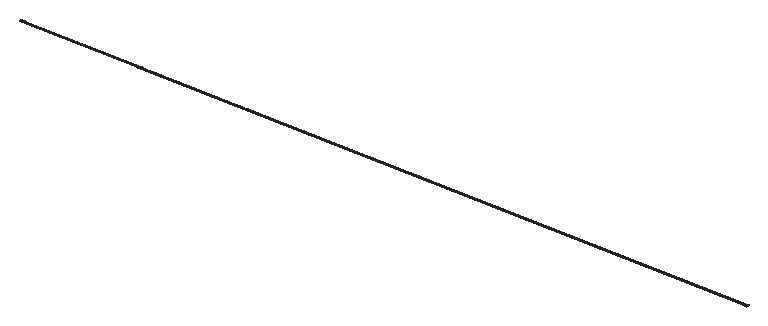
Revit family "Flex Pro IP65_0068171-74", category Lighting Fixtures, host Face, Revit 2017
Family settings
  Host = Face
  Round Connector Dimension = Use Diameter
  Part Type = Normal
  OmniClass Number = 23.80.70.00
  OmniClass Title = Lighting
  Cut with Voids When Loaded = No
  Light Source = Yes
  Shared = No
  Room Calculation Point = No
Parameters (values of type "0068171 FLEX PRO IP65 2100LM 927")
  Weight = "4.0 kg"
  Wattage Comments = ""
  Wattage = 24 W
  WarrantyStartDate [instance] = "n/a"
  WarrantyGuarantorParts = "n/a"
  WarrantyDurationUnit = "n/a"
  WarrantyDurationParts = "n/a"
  WarrantyDescription = "n/a"
  built-in parameter 1150110 = 1 (stored number, unit not read)
  Voltage = 0 V
  URL = "http://www.sylvania-lighting.com"
  TypeName = "Flex Pro IP65 2100lm 927"
  Type Image = <None>
  Type Comments = "n/a"
  built-in parameter 1114217 = 1 (stored number, unit not read)
  Tilt Angle = -90.00°
  built-in parameter 1150109 = 1 (stored number, unit not read)
  built-in parameter 1150134 = (empty or 0)
  built-in parameter 1150113 = 1 (stored number, unit not read)
  SerialNumber [instance] = "n/a"
  Photometric Web File = "0068171.ies"
  PHOTOMETRY3_SYL = 0 mm
  PHOTOMETRY2_SYL = LUM_WIDTH_SYL  # 4 mm
  PHOTOMETRY1_SYL = LUM_LENGHT_SYL / 2  # 2505 mm
  Material_3_SYL = Default New Material(1)
  PowerFactor = 0
  PowerConsumption = "24 W"
  NominalLength = 5000 mm
  NominalHeight = 4 mm
  NominalDepth = 10 mm
  Name = "Flex Pro IP65 2100lm 927"
  ModelReference = Name  # "Flex Pro IP65 2100lm 927"
  ModelNumber = "0068171"
  Model = Name  # "Flex Pro IP65 2100lm 927"
  Material = "other housing"
  ManufacturerName = "Feilo Sylvania"
  Manufacturer = "Feilo Sylvania"
  LuminousEfficacy = "88 lm/W"
  built-in parameter 1150105 = 168.07 (stored number, unit not read)
  Lumens = 2112 lm
  LuminaireType = ""
  built-in parameter 1150115 = 1 (stored number, unit not read)
  LightOutputRatio = "n/a"
  built-in parameter 1150137 = (empty or 0)
  built-in parameter 1150139 = (empty or 0)
  LampsType = Lamp  # "LED"
  LampNominalLuminous = "2100 lm"
  LampMacAdamStep = "n/a"
  LampColourTemperature = "2700 K"
  LampColourRenderingIndex = "90"
  built-in parameter 1150112 = 1 (stored number, unit not read)
  built-in parameter 1150114 = 1 (stored number, unit not read)
  Lamp = "LED"
  LUM__CAP_SYL = 5 mm
  LUM_WIDTH_SYL = 4 mm
  LUM_PROT_SYL = 5 mm
  LUM_LENGHT_SYL!!!! = "(LUM_LENGHT_SYL-10), MUST BE DIVISIBLE WITH 100"
  LUM_LENGHT_SYL = 5010 mm  # constant formula
  LUM_CAD_W_SYL = 6 mm
  LED_DIST_SYL = 16.6 mm
  LED_DIST1_SYL = 10.6 mm
  LED_CH_S_WIDTH_SYL = 1.5 mm
  LED_CH_S_DEPTH_SYL = 1 mm
  LED_CH_L_WIDTH_SYL = 1.7 mm
  LED_CH_L_DEPTH_SYL = 1.4 mm
  LED_2_DIST_SYL = 33.2 mm
  Keynote = "16500"
  InstallationDate [instance] = "n/a"
  InputVoltage = "n/a"
  InputNominalFrequency = "n/a"
  built-in parameter 1150132 = (empty or 0)
  built-in parameter 1150102 = (empty or 0)
  built-in parameter 1150107 = 2700 (stored number, unit not read)
  built-in parameter 1150138 = (empty or 0)
  IngressProtection = "IP65"
  ImpactProtectionIndex = "IK00"
  built-in parameter 1150106 = 1.6807 (stored number, unit not read)
  IfcExportType = "IfcLightFixtureType"
  IfcExportAs = "IfcLightFixtureType"
  Emit from Circle Diameter = 609.6 mm
  Emit Shape Visible in Rendering = no
  ElectricShockClassification = "Class III"
  built-in parameter 1150104 = 8.1755 (stored number, unit not read)
  DocumentationLiterature = "http://www.sylvania-lighting.com/product/en-int/products/0068171"
  DimmingControlOptions = "n/a"
  Material_2_SYL = Default
  Dimming Lamp Color Temperature Shift = <None>
  Description = ""
  Default Elevation = 1219.2 mm
  CreatedOn = "10/16/2020"
  CreatedBy = "@sylvania-lighting.com"
  Cost = 0
  Color Filter = 16777215
  built-in parameter 1114216 [instance] = (empty or 0)
  ClassificationValue = "EF_70_80"
  ClassificationName = "Uniclass2015"
  Material_1_SYL = Default New Material
  CABLE_LENGHT_SYL = 995 mm
  CABLE_FIX_SYL = 1 mm
  CABLE_END_SYL = 15 mm
  CABLE_DIST_SYL = 1.5 mm
  CABLE_DIST2_SYL = 1.5 mm
  CABLE_BLEND_SYL = 10 mm
  BarCode [instance] = "n/a"
  built-in parameter 1114218 = 1 (stored number, unit not read)
  built-in parameter 1150133 = 10 (stored number, unit not read)
  AssetType = "Fixed"
  AssetIdentifier [instance] = "n/a"
  Assembly Code = "D5020200"
  Apparent Load = 24 VA
  Material_4_SYL = none
Reference planes
  plane 1 "Center (Front/Back)": y = 0
  plane 2: z = 0
  plane 3 "Center (Left/Right)": x = 0
  plane 4: x = 5010
  plane 5: y = 4
  plane 6: y = -4
  plane 7: x = -995
  plane 8: x = -10
  plane 9: x = -980
  plane 10: y = 1.5
  plane 11: y = -1.5
  plane 12: y = 2.5
  plane 13: y = -2.5
  plane 14: x = 10.6
  plane 15: x = 27.2
  plane 16: x = 43.8
  plane 17: x = 60.4
  plane 18: x = 77
  plane 19: x = 93.6
  plane 20: y = 1.7
  plane 21: y = -1.7
  plane 22: x = 12
  plane 23: x = 9.2
  plane 24: x = 28.6
  plane 25: x = 25.8
  plane 26: x = 45.2
  plane 27: x = 42.4
  plane 28: x = 59
  plane 29: x = 61.8
  plane 30: x = 75.6
  plane 31: x = 78.4
  plane 32: x = 95
  plane 33: x = 92.2
  plane 34: x = 18.9
  plane 35: x = 35.5
  plane 36: x = 68.7
  plane 37: x = 85.3
  plane 38: x = 19.9
  plane 39: x = 17.9
  plane 40: x = 34.5
  plane 41: x = 36.5
  plane 42: x = 69.7
  plane 43: x = 67.7
  plane 44: x = 84.3
  plane 45: x = 86.3
  plane 46: y = 1.5
  plane 47: y = -1.5
  plane 48: x = -5
  plane 49: x = 5015
  plane 50: x = 5
  plane 51: x = 5005
  plane 52: y = 6
  plane 53: y = -6
  plane 54: y = 5
  plane 55: y = -5
Forms (mm)
  Extrusion 1, solid, material "Default New Material" <- "Material_1_SYL"
    sketch origin (0, 0, 0) x (1, 0, 0) y (0, 1, 0)
      loop
        line (0, 4) -> (0, -4) -> (5010, -4) -> (5010, 4) -> (0, 4)
    from -0.9 to -1.2
  Sweep 2, solid, material "Default" <- "Material_2_SYL"
    path origin (0, 0, 0) x (1, 0, 0) y (0, 1, 0)
      loop
        line (-5, 1.5) -> (-980, 1.5)
    profile origin (-492.5, 1.5, 0) x (0, -1, 0) y (0, 0, 1)
      loop
        circle (0, 0) r 1.399
  Sweep 3, solid, material "Default" <- "Material_2_SYL"
    path origin (0, 0, 0) x (1, 0, 0) y (0, 1, 0)
      loop
        line (-5, -1.5) -> (-980, -1.5)
    profile origin (-492.5, -1.5, 0) x (0, -1, 0) y (0, 0, 1)
      loop
        circle (0, 0) r 1.353
  Revolve 4, solid
    sketch origin (0, 0, 0) x (1, 0, 0) y (0, 1, 0)
      loop
        line (-980, 1.5) -> (-980, 2.5) -> (-995, 2.5) -> (-995, 1.5) -> (-980, 1.5)
      axis (-980, 1.5) -> (-995, 1.5)
    angle from 360 to 0
  Revolve 5, solid
    sketch origin (0, 0, 0) x (1, 0, 0) y (0, 1, 0)
      loop
        line (-980, -1.5) -> (-995, -1.5) -> (-995, -2.5) -> (-980, -2.5) -> (-980, -1.5)
      axis (-980, -1.5) -> (-995, -1.5)
    angle from 360 to 0
  Extrusion 6, solid
    sketch origin (0, 0, 0) x (1, 0, 0) y (0, 1, 0)
      loop
        line (9.2, 1.7) -> (9.2, -1.7) -> (12, -1.7) -> (12, 1.7) -> (9.2, 1.7)
      loop
        line (25.8, 1.7) -> (25.8, -1.7) -> (28.6, -1.7) -> (28.6, 1.7) -> (25.8, 1.7)
      loop
        line (42.4, 1.7) -> (42.4, -1.7) -> (45.2, -1.7) -> (45.2, 1.7) -> (42.4, 1.7)
      loop
        line (59, 1.7) -> (59, -1.7) -> (61.8, -1.7) -> (61.8, 1.7) -> (59, 1.7)
      loop
        line (75.6, -1.7) -> (78.4, -1.7) -> (78.4, 1.7) -> (75.6, 1.7) -> (75.6, -1.7)
      loop
        line (92.2, 1.7) -> (92.2, -1.7) -> (95, -1.7) -> (95, 1.7) -> (92.2, 1.7)
    from 0 to -1.2
  Extrusion 7, solid
    sketch origin (4898, 0, 0) x (1, 0, 0) y (0, 1, 0)
      loop
        line (9.2, 1.7) -> (9.2, -1.7) -> (12, -1.7) -> (12, 1.7) -> (9.2, 1.7)
      loop
        line (25.8, 1.7) -> (25.8, -1.7) -> (28.6, -1.7) -> (28.6, 1.7) -> (25.8, 1.7)
      loop
        line (42.4, 1.7) -> (42.4, -1.7) -> (45.2, -1.7) -> (45.2, 1.7) -> (42.4, 1.7)
      loop
        line (59, 1.7) -> (59, -1.7) -> (61.8, -1.7) -> (61.8, 1.7) -> (59, 1.7)
      loop
        line (75.6, -1.7) -> (78.4, -1.7) -> (78.4, 1.7) -> (75.6, 1.7) -> (75.6, -1.7)
      loop
        line (92.2, 1.7) -> (92.2, -1.7) -> (95, -1.7) -> (95, 1.7) -> (92.2, 1.7)
    from 0 to -1.2
  Extrusion 8, solid
    sketch origin (99.959, 0, 0) x (1, 0, 0) y (0, 1, 0)
      loop
        line (9.2, 1.7) -> (9.2, -1.7) -> (12, -1.7) -> (12, 1.7) -> (9.2, 1.7)
      loop
        line (25.8, 1.7) -> (25.8, -1.7) -> (28.6, -1.7) -> (28.6, 1.7) -> (25.8, 1.7)
      loop
        line (42.4, 1.7) -> (42.4, -1.7) -> (45.2, -1.7) -> (45.2, 1.7) -> (42.4, 1.7)
      loop
        line (59, 1.7) -> (59, -1.7) -> (61.8, -1.7) -> (61.8, 1.7) -> (59, 1.7)
      loop
        line (75.6, -1.7) -> (78.4, -1.7) -> (78.4, 1.7) -> (75.6, 1.7) -> (75.6, -1.7)
      loop
        line (92.2, 1.7) -> (92.2, -1.7) -> (95, -1.7) -> (95, 1.7) -> (92.2, 1.7)
    from 0 to -1.2
  Extrusion 9, solid
    sketch origin (199.918, 0, 0) x (1, 0, 0) y (0, 1, 0)
      loop
        line (9.2, 1.7) -> (9.2, -1.7) -> (12, -1.7) -> (12, 1.7) -> (9.2, 1.7)
      loop
        line (25.8, 1.7) -> (25.8, -1.7) -> (28.6, -1.7) -> (28.6, 1.7) -> (25.8, 1.7)
      loop
        line (42.4, 1.7) -> (42.4, -1.7) -> (45.2, -1.7) -> (45.2, 1.7) -> (42.4, 1.7)
      loop
        line (59, 1.7) -> (59, -1.7) -> (61.8, -1.7) -> (61.8, 1.7) -> (59, 1.7)
      loop
        line (75.6, -1.7) -> (78.4, -1.7) -> (78.4, 1.7) -> (75.6, 1.7) -> (75.6, -1.7)
      loop
        line (92.2, 1.7) -> (92.2, -1.7) -> (95, -1.7) -> (95, 1.7) -> (92.2, 1.7)
    from 0 to -1.2
  Extrusion 10, solid
    sketch origin (299.878, 0, 0) x (1, 0, 0) y (0, 1, 0)
      loop
        line (9.2, 1.7) -> (9.2, -1.7) -> (12, -1.7) -> (12, 1.7) -> (9.2, 1.7)
      loop
        line (25.8, 1.7) -> (25.8, -1.7) -> (28.6, -1.7) -> (28.6, 1.7) -> (25.8, 1.7)
      loop
        line (42.4, 1.7) -> (42.4, -1.7) -> (45.2, -1.7) -> (45.2, 1.7) -> (42.4, 1.7)
      loop
        line (59, 1.7) -> (59, -1.7) -> (61.8, -1.7) -> (61.8, 1.7) -> (59, 1.7)
      loop
        line (75.6, -1.7) -> (78.4, -1.7) -> (78.4, 1.7) -> (75.6, 1.7) -> (75.6, -1.7)
      loop
        line (92.2, 1.7) -> (92.2, -1.7) -> (95, -1.7) -> (95, 1.7) -> (92.2, 1.7)
    from 0 to -1.2
  Extrusion 11, solid
    sketch origin (399.837, 0, 0) x (1, 0, 0) y (0, 1, 0)
      loop
        line (9.2, 1.7) -> (9.2, -1.7) -> (12, -1.7) -> (12, 1.7) -> (9.2, 1.7)
      loop
        line (25.8, 1.7) -> (25.8, -1.7) -> (28.6, -1.7) -> (28.6, 1.7) -> (25.8, 1.7)
      loop
        line (42.4, 1.7) -> (42.4, -1.7) -> (45.2, -1.7) -> (45.2, 1.7) -> (42.4, 1.7)
      loop
        line (59, 1.7) -> (59, -1.7) -> (61.8, -1.7) -> (61.8, 1.7) -> (59, 1.7)
      loop
        line (75.6, -1.7) -> (78.4, -1.7) -> (78.4, 1.7) -> (75.6, 1.7) -> (75.6, -1.7)
      loop
        line (92.2, 1.7) -> (92.2, -1.7) -> (95, -1.7) -> (95, 1.7) -> (92.2, 1.7)
    from 0 to -1.2
  Extrusion 12, solid
    sketch origin (499.796, 0, 0) x (1, 0, 0) y (0, 1, 0)
      loop
        line (9.2, 1.7) -> (9.2, -1.7) -> (12, -1.7) -> (12, 1.7) -> (9.2, 1.7)
      loop
        line (25.8, 1.7) -> (25.8, -1.7) -> (28.6, -1.7) -> (28.6, 1.7) -> (25.8, 1.7)
      loop
        line (42.4, 1.7) -> (42.4, -1.7) -> (45.2, -1.7) -> (45.2, 1.7) -> (42.4, 1.7)
      loop
        line (59, 1.7) -> (59, -1.7) -> (61.8, -1.7) -> (61.8, 1.7) -> (59, 1.7)
      loop
        line (75.6, -1.7) -> (78.4, -1.7) -> (78.4, 1.7) -> (75.6, 1.7) -> (75.6, -1.7)
      loop
        line (92.2, 1.7) -> (92.2, -1.7) -> (95, -1.7) -> (95, 1.7) -> (92.2, 1.7)
    from 0 to -1.2
  Extrusion 13, solid
    sketch origin (599.755, 0, 0) x (1, 0, 0) y (0, 1, 0)
      loop
        line (9.2, 1.7) -> (9.2, -1.7) -> (12, -1.7) -> (12, 1.7) -> (9.2, 1.7)
      loop
        line (25.8, 1.7) -> (25.8, -1.7) -> (28.6, -1.7) -> (28.6, 1.7) -> (25.8, 1.7)
      loop
        line (42.4, 1.7) -> (42.4, -1.7) -> (45.2, -1.7) -> (45.2, 1.7) -> (42.4, 1.7)
      loop
        line (59, 1.7) -> (59, -1.7) -> (61.8, -1.7) -> (61.8, 1.7) -> (59, 1.7)
      loop
        line (75.6, -1.7) -> (78.4, -1.7) -> (78.4, 1.7) -> (75.6, 1.7) -> (75.6, -1.7)
      loop
        line (92.2, 1.7) -> (92.2, -1.7) -> (95, -1.7) -> (95, 1.7) -> (92.2, 1.7)
    from 0 to -1.2
  Extrusion 14, solid
    sketch origin (699.714, 0, 0) x (1, 0, 0) y (0, 1, 0)
      loop
        line (9.2, 1.7) -> (9.2, -1.7) -> (12, -1.7) -> (12, 1.7) -> (9.2, 1.7)
      loop
        line (25.8, 1.7) -> (25.8, -1.7) -> (28.6, -1.7) -> (28.6, 1.7) -> (25.8, 1.7)
      loop
        line (42.4, 1.7) -> (42.4, -1.7) -> (45.2, -1.7) -> (45.2, 1.7) -> (42.4, 1.7)
      loop
        line (59, 1.7) -> (59, -1.7) -> (61.8, -1.7) -> (61.8, 1.7) -> (59, 1.7)
      loop
        line (75.6, -1.7) -> (78.4, -1.7) -> (78.4, 1.7) -> (75.6, 1.7) -> (75.6, -1.7)
      loop
        line (92.2, 1.7) -> (92.2, -1.7) -> (95, -1.7) -> (95, 1.7) -> (92.2, 1.7)
    from 0 to -1.2
  Extrusion 15, solid
    sketch origin (799.673, 0, 0) x (1, 0, 0) y (0, 1, 0)
      loop
        line (9.2, 1.7) -> (9.2, -1.7) -> (12, -1.7) -> (12, 1.7) -> (9.2, 1.7)
      loop
        line (25.8, 1.7) -> (25.8, -1.7) -> (28.6, -1.7) -> (28.6, 1.7) -> (25.8, 1.7)
      loop
        line (42.4, 1.7) -> (42.4, -1.7) -> (45.2, -1.7) -> (45.2, 1.7) -> (42.4, 1.7)
      loop
        line (59, 1.7) -> (59, -1.7) -> (61.8, -1.7) -> (61.8, 1.7) -> (59, 1.7)
      loop
        line (75.6, -1.7) -> (78.4, -1.7) -> (78.4, 1.7) -> (75.6, 1.7) -> (75.6, -1.7)
      loop
        line (92.2, 1.7) -> (92.2, -1.7) -> (95, -1.7) -> (95, 1.7) -> (92.2, 1.7)
    from 0 to -1.2
  Extrusion 16, solid
    sketch origin (899.633, 0, 0) x (1, 0, 0) y (0, 1, 0)
      loop
        line (9.2, 1.7) -> (9.2, -1.7) -> (12, -1.7) -> (12, 1.7) -> (9.2, 1.7)
      loop
        line (25.8, 1.7) -> (25.8, -1.7) -> (28.6, -1.7) -> (28.6, 1.7) -> (25.8, 1.7)
      loop
        line (42.4, 1.7) -> (42.4, -1.7) -> (45.2, -1.7) -> (45.2, 1.7) -> (42.4, 1.7)
      loop
        line (59, 1.7) -> (59, -1.7) -> (61.8, -1.7) -> (61.8, 1.7) -> (59, 1.7)
      loop
        line (75.6, -1.7) -> (78.4, -1.7) -> (78.4, 1.7) -> (75.6, 1.7) -> (75.6, -1.7)
      loop
        line (92.2, 1.7) -> (92.2, -1.7) -> (95, -1.7) -> (95, 1.7) -> (92.2, 1.7)
    from 0 to -1.2
  Extrusion 17, solid
    sketch origin (999.592, 0, 0) x (1, 0, 0) y (0, 1, 0)
      loop
        line (9.2, 1.7) -> (9.2, -1.7) -> (12, -1.7) -> (12, 1.7) -> (9.2, 1.7)
      loop
        line (25.8, 1.7) -> (25.8, -1.7) -> (28.6, -1.7) -> (28.6, 1.7) -> (25.8, 1.7)
      loop
        line (42.4, 1.7) -> (42.4, -1.7) -> (45.2, -1.7) -> (45.2, 1.7) -> (42.4, 1.7)
      loop
        line (59, 1.7) -> (59, -1.7) -> (61.8, -1.7) -> (61.8, 1.7) -> (59, 1.7)
      loop
        line (75.6, -1.7) -> (78.4, -1.7) -> (78.4, 1.7) -> (75.6, 1.7) -> (75.6, -1.7)
      loop
        line (92.2, 1.7) -> (92.2, -1.7) -> (95, -1.7) -> (95, 1.7) -> (92.2, 1.7)
    from 0 to -1.2
  Extrusion 18, solid
    sketch origin (1099.551, 0, 0) x (1, 0, 0) y (0, 1, 0)
      loop
        line (9.2, 1.7) -> (9.2, -1.7) -> (12, -1.7) -> (12, 1.7) -> (9.2, 1.7)
      loop
        line (25.8, 1.7) -> (25.8, -1.7) -> (28.6, -1.7) -> (28.6, 1.7) -> (25.8, 1.7)
      loop
        line (42.4, 1.7) -> (42.4, -1.7) -> (45.2, -1.7) -> (45.2, 1.7) -> (42.4, 1.7)
      loop
        line (59, 1.7) -> (59, -1.7) -> (61.8, -1.7) -> (61.8, 1.7) -> (59, 1.7)
      loop
        line (75.6, -1.7) -> (78.4, -1.7) -> (78.4, 1.7) -> (75.6, 1.7) -> (75.6, -1.7)
      loop
        line (92.2, 1.7) -> (92.2, -1.7) -> (95, -1.7) -> (95, 1.7) -> (92.2, 1.7)
    from 0 to -1.2
  Extrusion 19, solid
    sketch origin (1199.51, 0, 0) x (1, 0, 0) y (0, 1, 0)
      loop
        line (9.2, 1.7) -> (9.2, -1.7) -> (12, -1.7) -> (12, 1.7) -> (9.2, 1.7)
      loop
        line (25.8, 1.7) -> (25.8, -1.7) -> (28.6, -1.7) -> (28.6, 1.7) -> (25.8, 1.7)
      loop
        line (42.4, 1.7) -> (42.4, -1.7) -> (45.2, -1.7) -> (45.2, 1.7) -> (42.4, 1.7)
      loop
        line (59, 1.7) -> (59, -1.7) -> (61.8, -1.7) -> (61.8, 1.7) -> (59, 1.7)
      loop
        line (75.6, -1.7) -> (78.4, -1.7) -> (78.4, 1.7) -> (75.6, 1.7) -> (75.6, -1.7)
      loop
        line (92.2, 1.7) -> (92.2, -1.7) -> (95, -1.7) -> (95, 1.7) -> (92.2, 1.7)
    from 0 to -1.2
  Extrusion 20, solid
    sketch origin (1299.469, 0, 0) x (1, 0, 0) y (0, 1, 0)
      loop
        line (9.2, 1.7) -> (9.2, -1.7) -> (12, -1.7) -> (12, 1.7) -> (9.2, 1.7)
      loop
        line (25.8, 1.7) -> (25.8, -1.7) -> (28.6, -1.7) -> (28.6, 1.7) -> (25.8, 1.7)
      loop
        line (42.4, 1.7) -> (42.4, -1.7) -> (45.2, -1.7) -> (45.2, 1.7) -> (42.4, 1.7)
      loop
        line (59, 1.7) -> (59, -1.7) -> (61.8, -1.7) -> (61.8, 1.7) -> (59, 1.7)
      loop
        line (75.6, -1.7) -> (78.4, -1.7) -> (78.4, 1.7) -> (75.6, 1.7) -> (75.6, -1.7)
      loop
        line (92.2, 1.7) -> (92.2, -1.7) -> (95, -1.7) -> (95, 1.7) -> (92.2, 1.7)
    from 0 to -1.2
  Extrusion 21, solid
    sketch origin (1399.429, 0, 0) x (1, 0, 0) y (0, 1, 0)
      loop
        line (9.2, 1.7) -> (9.2, -1.7) -> (12, -1.7) -> (12, 1.7) -> (9.2, 1.7)
      loop
        line (25.8, 1.7) -> (25.8, -1.7) -> (28.6, -1.7) -> (28.6, 1.7) -> (25.8, 1.7)
      loop
        line (42.4, 1.7) -> (42.4, -1.7) -> (45.2, -1.7) -> (45.2, 1.7) -> (42.4, 1.7)
      loop
        line (59, 1.7) -> (59, -1.7) -> (61.8, -1.7) -> (61.8, 1.7) -> (59, 1.7)
      loop
        line (75.6, -1.7) -> (78.4, -1.7) -> (78.4, 1.7) -> (75.6, 1.7) -> (75.6, -1.7)
      loop
        line (92.2, 1.7) -> (92.2, -1.7) -> (95, -1.7) -> (95, 1.7) -> (92.2, 1.7)
    from 0 to -1.2
  Extrusion 22, solid
    sketch origin (1499.388, 0, 0) x (1, 0, 0) y (0, 1, 0)
      loop
        line (9.2, 1.7) -> (9.2, -1.7) -> (12, -1.7) -> (12, 1.7) -> (9.2, 1.7)
      loop
        line (25.8, 1.7) -> (25.8, -1.7) -> (28.6, -1.7) -> (28.6, 1.7) -> (25.8, 1.7)
      loop
        line (42.4, 1.7) -> (42.4, -1.7) -> (45.2, -1.7) -> (45.2, 1.7) -> (42.4, 1.7)
      loop
        line (59, 1.7) -> (59, -1.7) -> (61.8, -1.7) -> (61.8, 1.7) -> (59, 1.7)
      loop
        line (75.6, -1.7) -> (78.4, -1.7) -> (78.4, 1.7) -> (75.6, 1.7) -> (75.6, -1.7)
      loop
        line (92.2, 1.7) -> (92.2, -1.7) -> (95, -1.7) -> (95, 1.7) -> (92.2, 1.7)
    from 0 to -1.2
  Extrusion 23, solid
    sketch origin (1599.347, 0, 0) x (1, 0, 0) y (0, 1, 0)
      loop
        line (9.2, 1.7) -> (9.2, -1.7) -> (12, -1.7) -> (12, 1.7) -> (9.2, 1.7)
      loop
        line (25.8, 1.7) -> (25.8, -1.7) -> (28.6, -1.7) -> (28.6, 1.7) -> (25.8, 1.7)
      loop
        line (42.4, 1.7) -> (42.4, -1.7) -> (45.2, -1.7) -> (45.2, 1.7) -> (42.4, 1.7)
      loop
        line (59, 1.7) -> (59, -1.7) -> (61.8, -1.7) -> (61.8, 1.7) -> (59, 1.7)
      loop
        line (75.6, -1.7) -> (78.4, -1.7) -> (78.4, 1.7) -> (75.6, 1.7) -> (75.6, -1.7)
      loop
        line (92.2, 1.7) -> (92.2, -1.7) -> (95, -1.7) -> (95, 1.7) -> (92.2, 1.7)
    from 0 to -1.2
  Extrusion 24, solid
    sketch origin (1699.306, 0, 0) x (1, 0, 0) y (0, 1, 0)
      loop
        line (9.2, 1.7) -> (9.2, -1.7) -> (12, -1.7) -> (12, 1.7) -> (9.2, 1.7)
      loop
        line (25.8, 1.7) -> (25.8, -1.7) -> (28.6, -1.7) -> (28.6, 1.7) -> (25.8, 1.7)
      loop
        line (42.4, 1.7) -> (42.4, -1.7) -> (45.2, -1.7) -> (45.2, 1.7) -> (42.4, 1.7)
      loop
        line (59, 1.7) -> (59, -1.7) -> (61.8, -1.7) -> (61.8, 1.7) -> (59, 1.7)
      loop
        line (75.6, -1.7) -> (78.4, -1.7) -> (78.4, 1.7) -> (75.6, 1.7) -> (75.6, -1.7)
      loop
        line (92.2, 1.7) -> (92.2, -1.7) -> (95, -1.7) -> (95, 1.7) -> (92.2, 1.7)
    from 0 to -1.2
  Extrusion 25, solid
    sketch origin (1799.265, 0, 0) x (1, 0, 0) y (0, 1, 0)
      loop
        line (9.2, 1.7) -> (9.2, -1.7) -> (12, -1.7) -> (12, 1.7) -> (9.2, 1.7)
      loop
        line (25.8, 1.7) -> (25.8, -1.7) -> (28.6, -1.7) -> (28.6, 1.7) -> (25.8, 1.7)
      loop
        line (42.4, 1.7) -> (42.4, -1.7) -> (45.2, -1.7) -> (45.2, 1.7) -> (42.4, 1.7)
      loop
        line (59, 1.7) -> (59, -1.7) -> (61.8, -1.7) -> (61.8, 1.7) -> (59, 1.7)
      loop
        line (75.6, -1.7) -> (78.4, -1.7) -> (78.4, 1.7) -> (75.6, 1.7) -> (75.6, -1.7)
      loop
        line (92.2, 1.7) -> (92.2, -1.7) -> (95, -1.7) -> (95, 1.7) -> (92.2, 1.7)
    from 0 to -1.2
  Extrusion 26, solid
    sketch origin (1899.224, 0, 0) x (1, 0, 0) y (0, 1, 0)
      loop
        line (9.2, 1.7) -> (9.2, -1.7) -> (12, -1.7) -> (12, 1.7) -> (9.2, 1.7)
      loop
        line (25.8, 1.7) -> (25.8, -1.7) -> (28.6, -1.7) -> (28.6, 1.7) -> (25.8, 1.7)
      loop
        line (42.4, 1.7) -> (42.4, -1.7) -> (45.2, -1.7) -> (45.2, 1.7) -> (42.4, 1.7)
      loop
        line (59, 1.7) -> (59, -1.7) -> (61.8, -1.7) -> (61.8, 1.7) -> (59, 1.7)
      loop
        line (75.6, -1.7) -> (78.4, -1.7) -> (78.4, 1.7) -> (75.6, 1.7) -> (75.6, -1.7)
      loop
        line (92.2, 1.7) -> (92.2, -1.7) -> (95, -1.7) -> (95, 1.7) -> (92.2, 1.7)
    from 0 to -1.2
  Extrusion 27, solid
    sketch origin (1999.184, 0, 0) x (1, 0, 0) y (0, 1, 0)
      loop
        line (9.2, 1.7) -> (9.2, -1.7) -> (12, -1.7) -> (12, 1.7) -> (9.2, 1.7)
      loop
        line (25.8, 1.7) -> (25.8, -1.7) -> (28.6, -1.7) -> (28.6, 1.7) -> (25.8, 1.7)
      loop
        line (42.4, 1.7) -> (42.4, -1.7) -> (45.2, -1.7) -> (45.2, 1.7) -> (42.4, 1.7)
      loop
        line (59, 1.7) -> (59, -1.7) -> (61.8, -1.7) -> (61.8, 1.7) -> (59, 1.7)
      loop
        line (75.6, -1.7) -> (78.4, -1.7) -> (78.4, 1.7) -> (75.6, 1.7) -> (75.6, -1.7)
      loop
        line (92.2, 1.7) -> (92.2, -1.7) -> (95, -1.7) -> (95, 1.7) -> (92.2, 1.7)
    from 0 to -1.2
  Extrusion 28, solid
    sketch origin (2099.143, 0, 0) x (1, 0, 0) y (0, 1, 0)
      loop
        line (9.2, 1.7) -> (9.2, -1.7) -> (12, -1.7) -> (12, 1.7) -> (9.2, 1.7)
      loop
        line (25.8, 1.7) -> (25.8, -1.7) -> (28.6, -1.7) -> (28.6, 1.7) -> (25.8, 1.7)
      loop
        line (42.4, 1.7) -> (42.4, -1.7) -> (45.2, -1.7) -> (45.2, 1.7) -> (42.4, 1.7)
      loop
        line (59, 1.7) -> (59, -1.7) -> (61.8, -1.7) -> (61.8, 1.7) -> (59, 1.7)
      loop
        line (75.6, -1.7) -> (78.4, -1.7) -> (78.4, 1.7) -> (75.6, 1.7) -> (75.6, -1.7)
      loop
        line (92.2, 1.7) -> (92.2, -1.7) -> (95, -1.7) -> (95, 1.7) -> (92.2, 1.7)
    from 0 to -1.2
  Extrusion 29, solid
    sketch origin (2199.102, 0, 0) x (1, 0, 0) y (0, 1, 0)
      loop
        line (9.2, 1.7) -> (9.2, -1.7) -> (12, -1.7) -> (12, 1.7) -> (9.2, 1.7)
      loop
        line (25.8, 1.7) -> (25.8, -1.7) -> (28.6, -1.7) -> (28.6, 1.7) -> (25.8, 1.7)
      loop
        line (42.4, 1.7) -> (42.4, -1.7) -> (45.2, -1.7) -> (45.2, 1.7) -> (42.4, 1.7)
      loop
        line (59, 1.7) -> (59, -1.7) -> (61.8, -1.7) -> (61.8, 1.7) -> (59, 1.7)
      loop
        line (75.6, -1.7) -> (78.4, -1.7) -> (78.4, 1.7) -> (75.6, 1.7) -> (75.6, -1.7)
      loop
        line (92.2, 1.7) -> (92.2, -1.7) -> (95, -1.7) -> (95, 1.7) -> (92.2, 1.7)
    from 0 to -1.2
  Extrusion 30, solid
    sketch origin (2299.061, 0, 0) x (1, 0, 0) y (0, 1, 0)
      loop
        line (9.2, 1.7) -> (9.2, -1.7) -> (12, -1.7) -> (12, 1.7) -> (9.2, 1.7)
      loop
        line (25.8, 1.7) -> (25.8, -1.7) -> (28.6, -1.7) -> (28.6, 1.7) -> (25.8, 1.7)
      loop
        line (42.4, 1.7) -> (42.4, -1.7) -> (45.2, -1.7) -> (45.2, 1.7) -> (42.4, 1.7)
      loop
        line (59, 1.7) -> (59, -1.7) -> (61.8, -1.7) -> (61.8, 1.7) -> (59, 1.7)
      loop
        line (75.6, -1.7) -> (78.4, -1.7) -> (78.4, 1.7) -> (75.6, 1.7) -> (75.6, -1.7)
      loop
        line (92.2, 1.7) -> (92.2, -1.7) -> (95, -1.7) -> (95, 1.7) -> (92.2, 1.7)
    from 0 to -1.2
  Extrusion 31, solid
    sketch origin (2399.02, 0, 0) x (1, 0, 0) y (0, 1, 0)
      loop
        line (9.2, 1.7) -> (9.2, -1.7) -> (12, -1.7) -> (12, 1.7) -> (9.2, 1.7)
      loop
        line (25.8, 1.7) -> (25.8, -1.7) -> (28.6, -1.7) -> (28.6, 1.7) -> (25.8, 1.7)
      loop
        line (42.4, 1.7) -> (42.4, -1.7) -> (45.2, -1.7) -> (45.2, 1.7) -> (42.4, 1.7)
      loop
        line (59, 1.7) -> (59, -1.7) -> (61.8, -1.7) -> (61.8, 1.7) -> (59, 1.7)
      loop
        line (75.6, -1.7) -> (78.4, -1.7) -> (78.4, 1.7) -> (75.6, 1.7) -> (75.6, -1.7)
      loop
        line (92.2, 1.7) -> (92.2, -1.7) -> (95, -1.7) -> (95, 1.7) -> (92.2, 1.7)
    from 0 to -1.2
  Extrusion 32, solid
    sketch origin (2498.98, 0, 0) x (1, 0, 0) y (0, 1, 0)
      loop
        line (9.2, 1.7) -> (9.2, -1.7) -> (12, -1.7) -> (12, 1.7) -> (9.2, 1.7)
      loop
        line (25.8, 1.7) -> (25.8, -1.7) -> (28.6, -1.7) -> (28.6, 1.7) -> (25.8, 1.7)
      loop
        line (42.4, 1.7) -> (42.4, -1.7) -> (45.2, -1.7) -> (45.2, 1.7) -> (42.4, 1.7)
      loop
        line (59, 1.7) -> (59, -1.7) -> (61.8, -1.7) -> (61.8, 1.7) -> (59, 1.7)
      loop
        line (75.6, -1.7) -> (78.4, -1.7) -> (78.4, 1.7) -> (75.6, 1.7) -> (75.6, -1.7)
      loop
        line (92.2, 1.7) -> (92.2, -1.7) -> (95, -1.7) -> (95, 1.7) -> (92.2, 1.7)
    from 0 to -1.2
  Extrusion 33, solid
    sketch origin (2598.939, 0, 0) x (1, 0, 0) y (0, 1, 0)
      loop
        line (9.2, 1.7) -> (9.2, -1.7) -> (12, -1.7) -> (12, 1.7) -> (9.2, 1.7)
      loop
        line (25.8, 1.7) -> (25.8, -1.7) -> (28.6, -1.7) -> (28.6, 1.7) -> (25.8, 1.7)
      loop
        line (42.4, 1.7) -> (42.4, -1.7) -> (45.2, -1.7) -> (45.2, 1.7) -> (42.4, 1.7)
      loop
        line (59, 1.7) -> (59, -1.7) -> (61.8, -1.7) -> (61.8, 1.7) -> (59, 1.7)
      loop
        line (75.6, -1.7) -> (78.4, -1.7) -> (78.4, 1.7) -> (75.6, 1.7) -> (75.6, -1.7)
      loop
        line (92.2, 1.7) -> (92.2, -1.7) -> (95, -1.7) -> (95, 1.7) -> (92.2, 1.7)
    from 0 to -1.2
  Extrusion 34, solid
    sketch origin (2698.898, 0, 0) x (1, 0, 0) y (0, 1, 0)
      loop
        line (9.2, 1.7) -> (9.2, -1.7) -> (12, -1.7) -> (12, 1.7) -> (9.2, 1.7)
      loop
        line (25.8, 1.7) -> (25.8, -1.7) -> (28.6, -1.7) -> (28.6, 1.7) -> (25.8, 1.7)
      loop
        line (42.4, 1.7) -> (42.4, -1.7) -> (45.2, -1.7) -> (45.2, 1.7) -> (42.4, 1.7)
      loop
        line (59, 1.7) -> (59, -1.7) -> (61.8, -1.7) -> (61.8, 1.7) -> (59, 1.7)
      loop
        line (75.6, -1.7) -> (78.4, -1.7) -> (78.4, 1.7) -> (75.6, 1.7) -> (75.6, -1.7)
      loop
        line (92.2, 1.7) -> (92.2, -1.7) -> (95, -1.7) -> (95, 1.7) -> (92.2, 1.7)
    from 0 to -1.2
  Extrusion 35, solid
    sketch origin (2798.857, 0, 0) x (1, 0, 0) y (0, 1, 0)
      loop
        line (9.2, 1.7) -> (9.2, -1.7) -> (12, -1.7) -> (12, 1.7) -> (9.2, 1.7)
      loop
        line (25.8, 1.7) -> (25.8, -1.7) -> (28.6, -1.7) -> (28.6, 1.7) -> (25.8, 1.7)
      loop
        line (42.4, 1.7) -> (42.4, -1.7) -> (45.2, -1.7) -> (45.2, 1.7) -> (42.4, 1.7)
      loop
        line (59, 1.7) -> (59, -1.7) -> (61.8, -1.7) -> (61.8, 1.7) -> (59, 1.7)
      loop
        line (75.6, -1.7) -> (78.4, -1.7) -> (78.4, 1.7) -> (75.6, 1.7) -> (75.6, -1.7)
      loop
        line (92.2, 1.7) -> (92.2, -1.7) -> (95, -1.7) -> (95, 1.7) -> (92.2, 1.7)
    from 0 to -1.2
  Extrusion 36, solid
    sketch origin (2898.816, 0, 0) x (1, 0, 0) y (0, 1, 0)
      loop
        line (9.2, 1.7) -> (9.2, -1.7) -> (12, -1.7) -> (12, 1.7) -> (9.2, 1.7)
      loop
        line (25.8, 1.7) -> (25.8, -1.7) -> (28.6, -1.7) -> (28.6, 1.7) -> (25.8, 1.7)
      loop
        line (42.4, 1.7) -> (42.4, -1.7) -> (45.2, -1.7) -> (45.2, 1.7) -> (42.4, 1.7)
      loop
        line (59, 1.7) -> (59, -1.7) -> (61.8, -1.7) -> (61.8, 1.7) -> (59, 1.7)
      loop
        line (75.6, -1.7) -> (78.4, -1.7) -> (78.4, 1.7) -> (75.6, 1.7) -> (75.6, -1.7)
      loop
        line (92.2, 1.7) -> (92.2, -1.7) -> (95, -1.7) -> (95, 1.7) -> (92.2, 1.7)
    from 0 to -1.2
  Extrusion 37, solid
    sketch origin (2998.776, 0, 0) x (1, 0, 0) y (0, 1, 0)
      loop
        line (9.2, 1.7) -> (9.2, -1.7) -> (12, -1.7) -> (12, 1.7) -> (9.2, 1.7)
      loop
        line (25.8, 1.7) -> (25.8, -1.7) -> (28.6, -1.7) -> (28.6, 1.7) -> (25.8, 1.7)
      loop
        line (42.4, 1.7) -> (42.4, -1.7) -> (45.2, -1.7) -> (45.2, 1.7) -> (42.4, 1.7)
      loop
        line (59, 1.7) -> (59, -1.7) -> (61.8, -1.7) -> (61.8, 1.7) -> (59, 1.7)
      loop
        line (75.6, -1.7) -> (78.4, -1.7) -> (78.4, 1.7) -> (75.6, 1.7) -> (75.6, -1.7)
      loop
        line (92.2, 1.7) -> (92.2, -1.7) -> (95, -1.7) -> (95, 1.7) -> (92.2, 1.7)
    from 0 to -1.2
  Extrusion 38, solid
    sketch origin (3098.735, 0, 0) x (1, 0, 0) y (0, 1, 0)
      loop
        line (9.2, 1.7) -> (9.2, -1.7) -> (12, -1.7) -> (12, 1.7) -> (9.2, 1.7)
      loop
        line (25.8, 1.7) -> (25.8, -1.7) -> (28.6, -1.7) -> (28.6, 1.7) -> (25.8, 1.7)
      loop
        line (42.4, 1.7) -> (42.4, -1.7) -> (45.2, -1.7) -> (45.2, 1.7) -> (42.4, 1.7)
      loop
        line (59, 1.7) -> (59, -1.7) -> (61.8, -1.7) -> (61.8, 1.7) -> (59, 1.7)
      loop
        line (75.6, -1.7) -> (78.4, -1.7) -> (78.4, 1.7) -> (75.6, 1.7) -> (75.6, -1.7)
      loop
        line (92.2, 1.7) -> (92.2, -1.7) -> (95, -1.7) -> (95, 1.7) -> (92.2, 1.7)
    from 0 to -1.2
  Extrusion 39, solid
    sketch origin (3198.694, 0, 0) x (1, 0, 0) y (0, 1, 0)
      loop
        line (9.2, 1.7) -> (9.2, -1.7) -> (12, -1.7) -> (12, 1.7) -> (9.2, 1.7)
      loop
        line (25.8, 1.7) -> (25.8, -1.7) -> (28.6, -1.7) -> (28.6, 1.7) -> (25.8, 1.7)
      loop
        line (42.4, 1.7) -> (42.4, -1.7) -> (45.2, -1.7) -> (45.2, 1.7) -> (42.4, 1.7)
      loop
        line (59, 1.7) -> (59, -1.7) -> (61.8, -1.7) -> (61.8, 1.7) -> (59, 1.7)
      loop
        line (75.6, -1.7) -> (78.4, -1.7) -> (78.4, 1.7) -> (75.6, 1.7) -> (75.6, -1.7)
      loop
        line (92.2, 1.7) -> (92.2, -1.7) -> (95, -1.7) -> (95, 1.7) -> (92.2, 1.7)
    from 0 to -1.2
  Extrusion 40, solid
    sketch origin (3298.653, 0, 0) x (1, 0, 0) y (0, 1, 0)
      loop
        line (9.2, 1.7) -> (9.2, -1.7) -> (12, -1.7) -> (12, 1.7) -> (9.2, 1.7)
      loop
        line (25.8, 1.7) -> (25.8, -1.7) -> (28.6, -1.7) -> (28.6, 1.7) -> (25.8, 1.7)
      loop
        line (42.4, 1.7) -> (42.4, -1.7) -> (45.2, -1.7) -> (45.2, 1.7) -> (42.4, 1.7)
      loop
        line (59, 1.7) -> (59, -1.7) -> (61.8, -1.7) -> (61.8, 1.7) -> (59, 1.7)
      loop
        line (75.6, -1.7) -> (78.4, -1.7) -> (78.4, 1.7) -> (75.6, 1.7) -> (75.6, -1.7)
      loop
        line (92.2, 1.7) -> (92.2, -1.7) -> (95, -1.7) -> (95, 1.7) -> (92.2, 1.7)
    from 0 to -1.2
  Extrusion 41, solid
    sketch origin (3398.612, 0, 0) x (1, 0, 0) y (0, 1, 0)
      loop
        line (9.2, 1.7) -> (9.2, -1.7) -> (12, -1.7) -> (12, 1.7) -> (9.2, 1.7)
      loop
        line (25.8, 1.7) -> (25.8, -1.7) -> (28.6, -1.7) -> (28.6, 1.7) -> (25.8, 1.7)
      loop
        line (42.4, 1.7) -> (42.4, -1.7) -> (45.2, -1.7) -> (45.2, 1.7) -> (42.4, 1.7)
      loop
        line (59, 1.7) -> (59, -1.7) -> (61.8, -1.7) -> (61.8, 1.7) -> (59, 1.7)
      loop
        line (75.6, -1.7) -> (78.4, -1.7) -> (78.4, 1.7) -> (75.6, 1.7) -> (75.6, -1.7)
      loop
        line (92.2, 1.7) -> (92.2, -1.7) -> (95, -1.7) -> (95, 1.7) -> (92.2, 1.7)
    from 0 to -1.2
  Extrusion 42, solid
    sketch origin (3498.571, 0, 0) x (1, 0, 0) y (0, 1, 0)
      loop
        line (9.2, 1.7) -> (9.2, -1.7) -> (12, -1.7) -> (12, 1.7) -> (9.2, 1.7)
      loop
        line (25.8, 1.7) -> (25.8, -1.7) -> (28.6, -1.7) -> (28.6, 1.7) -> (25.8, 1.7)
      loop
        line (42.4, 1.7) -> (42.4, -1.7) -> (45.2, -1.7) -> (45.2, 1.7) -> (42.4, 1.7)
      loop
        line (59, 1.7) -> (59, -1.7) -> (61.8, -1.7) -> (61.8, 1.7) -> (59, 1.7)
      loop
        line (75.6, -1.7) -> (78.4, -1.7) -> (78.4, 1.7) -> (75.6, 1.7) -> (75.6, -1.7)
      loop
        line (92.2, 1.7) -> (92.2, -1.7) -> (95, -1.7) -> (95, 1.7) -> (92.2, 1.7)
    from 0 to -1.2
  Extrusion 43, solid
    sketch origin (3598.531, 0, 0) x (1, 0, 0) y (0, 1, 0)
      loop
        line (9.2, 1.7) -> (9.2, -1.7) -> (12, -1.7) -> (12, 1.7) -> (9.2, 1.7)
      loop
        line (25.8, 1.7) -> (25.8, -1.7) -> (28.6, -1.7) -> (28.6, 1.7) -> (25.8, 1.7)
      loop
        line (42.4, 1.7) -> (42.4, -1.7) -> (45.2, -1.7) -> (45.2, 1.7) -> (42.4, 1.7)
      loop
        line (59, 1.7) -> (59, -1.7) -> (61.8, -1.7) -> (61.8, 1.7) -> (59, 1.7)
      loop
        line (75.6, -1.7) -> (78.4, -1.7) -> (78.4, 1.7) -> (75.6, 1.7) -> (75.6, -1.7)
      loop
        line (92.2, 1.7) -> (92.2, -1.7) -> (95, -1.7) -> (95, 1.7) -> (92.2, 1.7)
    from 0 to -1.2
  Extrusion 44, solid
    sketch origin (3698.49, 0, 0) x (1, 0, 0) y (0, 1, 0)
      loop
        line (9.2, 1.7) -> (9.2, -1.7) -> (12, -1.7) -> (12, 1.7) -> (9.2, 1.7)
      loop
        line (25.8, 1.7) -> (25.8, -1.7) -> (28.6, -1.7) -> (28.6, 1.7) -> (25.8, 1.7)
      loop
        line (42.4, 1.7) -> (42.4, -1.7) -> (45.2, -1.7) -> (45.2, 1.7) -> (42.4, 1.7)
      loop
        line (59, 1.7) -> (59, -1.7) -> (61.8, -1.7) -> (61.8, 1.7) -> (59, 1.7)
      loop
        line (75.6, -1.7) -> (78.4, -1.7) -> (78.4, 1.7) -> (75.6, 1.7) -> (75.6, -1.7)
      loop
        line (92.2, 1.7) -> (92.2, -1.7) -> (95, -1.7) -> (95, 1.7) -> (92.2, 1.7)
    from 0 to -1.2
  Extrusion 45, solid
    sketch origin (3798.449, 0, 0) x (1, 0, 0) y (0, 1, 0)
      loop
        line (9.2, 1.7) -> (9.2, -1.7) -> (12, -1.7) -> (12, 1.7) -> (9.2, 1.7)
      loop
        line (25.8, 1.7) -> (25.8, -1.7) -> (28.6, -1.7) -> (28.6, 1.7) -> (25.8, 1.7)
      loop
        line (42.4, 1.7) -> (42.4, -1.7) -> (45.2, -1.7) -> (45.2, 1.7) -> (42.4, 1.7)
      loop
        line (59, 1.7) -> (59, -1.7) -> (61.8, -1.7) -> (61.8, 1.7) -> (59, 1.7)
      loop
        line (75.6, -1.7) -> (78.4, -1.7) -> (78.4, 1.7) -> (75.6, 1.7) -> (75.6, -1.7)
      loop
        line (92.2, 1.7) -> (92.2, -1.7) -> (95, -1.7) -> (95, 1.7) -> (92.2, 1.7)
    from 0 to -1.2
  Extrusion 46, solid
    sketch origin (3898.408, 0, 0) x (1, 0, 0) y (0, 1, 0)
      loop
        line (9.2, 1.7) -> (9.2, -1.7) -> (12, -1.7) -> (12, 1.7) -> (9.2, 1.7)
      loop
        line (25.8, 1.7) -> (25.8, -1.7) -> (28.6, -1.7) -> (28.6, 1.7) -> (25.8, 1.7)
      loop
        line (42.4, 1.7) -> (42.4, -1.7) -> (45.2, -1.7) -> (45.2, 1.7) -> (42.4, 1.7)
      loop
        line (59, 1.7) -> (59, -1.7) -> (61.8, -1.7) -> (61.8, 1.7) -> (59, 1.7)
      loop
        line (75.6, -1.7) -> (78.4, -1.7) -> (78.4, 1.7) -> (75.6, 1.7) -> (75.6, -1.7)
      loop
        line (92.2, 1.7) -> (92.2, -1.7) -> (95, -1.7) -> (95, 1.7) -> (92.2, 1.7)
    from 0 to -1.2
  Extrusion 47, solid
    sketch origin (3998.367, 0, 0) x (1, 0, 0) y (0, 1, 0)
      loop
        line (9.2, 1.7) -> (9.2, -1.7) -> (12, -1.7) -> (12, 1.7) -> (9.2, 1.7)
      loop
        line (25.8, 1.7) -> (25.8, -1.7) -> (28.6, -1.7) -> (28.6, 1.7) -> (25.8, 1.7)
      loop
        line (42.4, 1.7) -> (42.4, -1.7) -> (45.2, -1.7) -> (45.2, 1.7) -> (42.4, 1.7)
      loop
        line (59, 1.7) -> (59, -1.7) -> (61.8, -1.7) -> (61.8, 1.7) -> (59, 1.7)
      loop
        line (75.6, -1.7) -> (78.4, -1.7) -> (78.4, 1.7) -> (75.6, 1.7) -> (75.6, -1.7)
      loop
        line (92.2, 1.7) -> (92.2, -1.7) -> (95, -1.7) -> (95, 1.7) -> (92.2, 1.7)
    from 0 to -1.2
  Extrusion 48, solid
    sketch origin (4098.327, 0, 0) x (1, 0, 0) y (0, 1, 0)
      loop
        line (9.2, 1.7) -> (9.2, -1.7) -> (12, -1.7) -> (12, 1.7) -> (9.2, 1.7)
      loop
        line (25.8, 1.7) -> (25.8, -1.7) -> (28.6, -1.7) -> (28.6, 1.7) -> (25.8, 1.7)
      loop
        line (42.4, 1.7) -> (42.4, -1.7) -> (45.2, -1.7) -> (45.2, 1.7) -> (42.4, 1.7)
      loop
        line (59, 1.7) -> (59, -1.7) -> (61.8, -1.7) -> (61.8, 1.7) -> (59, 1.7)
      loop
        line (75.6, -1.7) -> (78.4, -1.7) -> (78.4, 1.7) -> (75.6, 1.7) -> (75.6, -1.7)
      loop
        line (92.2, 1.7) -> (92.2, -1.7) -> (95, -1.7) -> (95, 1.7) -> (92.2, 1.7)
    from 0 to -1.2
  Extrusion 49, solid
    sketch origin (4198.286, 0, 0) x (1, 0, 0) y (0, 1, 0)
      loop
        line (9.2, 1.7) -> (9.2, -1.7) -> (12, -1.7) -> (12, 1.7) -> (9.2, 1.7)
      loop
        line (25.8, 1.7) -> (25.8, -1.7) -> (28.6, -1.7) -> (28.6, 1.7) -> (25.8, 1.7)
      loop
        line (42.4, 1.7) -> (42.4, -1.7) -> (45.2, -1.7) -> (45.2, 1.7) -> (42.4, 1.7)
      loop
        line (59, 1.7) -> (59, -1.7) -> (61.8, -1.7) -> (61.8, 1.7) -> (59, 1.7)
      loop
        line (75.6, -1.7) -> (78.4, -1.7) -> (78.4, 1.7) -> (75.6, 1.7) -> (75.6, -1.7)
      loop
        line (92.2, 1.7) -> (92.2, -1.7) -> (95, -1.7) -> (95, 1.7) -> (92.2, 1.7)
    from 0 to -1.2
  Extrusion 50, solid
    sketch origin (4298.245, 0, 0) x (1, 0, 0) y (0, 1, 0)
      loop
        line (9.2, 1.7) -> (9.2, -1.7) -> (12, -1.7) -> (12, 1.7) -> (9.2, 1.7)
      loop
        line (25.8, 1.7) -> (25.8, -1.7) -> (28.6, -1.7) -> (28.6, 1.7) -> (25.8, 1.7)
      loop
        line (42.4, 1.7) -> (42.4, -1.7) -> (45.2, -1.7) -> (45.2, 1.7) -> (42.4, 1.7)
      loop
        line (59, 1.7) -> (59, -1.7) -> (61.8, -1.7) -> (61.8, 1.7) -> (59, 1.7)
      loop
        line (75.6, -1.7) -> (78.4, -1.7) -> (78.4, 1.7) -> (75.6, 1.7) -> (75.6, -1.7)
      loop
        line (92.2, 1.7) -> (92.2, -1.7) -> (95, -1.7) -> (95, 1.7) -> (92.2, 1.7)
    from 0 to -1.2
  Extrusion 51, solid
    sketch origin (4398.204, 0, 0) x (1, 0, 0) y (0, 1, 0)
      loop
        line (9.2, 1.7) -> (9.2, -1.7) -> (12, -1.7) -> (12, 1.7) -> (9.2, 1.7)
      loop
        line (25.8, 1.7) -> (25.8, -1.7) -> (28.6, -1.7) -> (28.6, 1.7) -> (25.8, 1.7)
      loop
        line (42.4, 1.7) -> (42.4, -1.7) -> (45.2, -1.7) -> (45.2, 1.7) -> (42.4, 1.7)
      loop
        line (59, 1.7) -> (59, -1.7) -> (61.8, -1.7) -> (61.8, 1.7) -> (59, 1.7)
      loop
        line (75.6, -1.7) -> (78.4, -1.7) -> (78.4, 1.7) -> (75.6, 1.7) -> (75.6, -1.7)
      loop
        line (92.2, 1.7) -> (92.2, -1.7) -> (95, -1.7) -> (95, 1.7) -> (92.2, 1.7)
    from 0 to -1.2
  Extrusion 52, solid
    sketch origin (4498.163, 0, 0) x (1, 0, 0) y (0, 1, 0)
      loop
        line (9.2, 1.7) -> (9.2, -1.7) -> (12, -1.7) -> (12, 1.7) -> (9.2, 1.7)
      loop
        line (25.8, 1.7) -> (25.8, -1.7) -> (28.6, -1.7) -> (28.6, 1.7) -> (25.8, 1.7)
      loop
        line (42.4, 1.7) -> (42.4, -1.7) -> (45.2, -1.7) -> (45.2, 1.7) -> (42.4, 1.7)
      loop
        line (59, 1.7) -> (59, -1.7) -> (61.8, -1.7) -> (61.8, 1.7) -> (59, 1.7)
      loop
        line (75.6, -1.7) -> (78.4, -1.7) -> (78.4, 1.7) -> (75.6, 1.7) -> (75.6, -1.7)
      loop
        line (92.2, 1.7) -> (92.2, -1.7) -> (95, -1.7) -> (95, 1.7) -> (92.2, 1.7)
    from 0 to -1.2
  Extrusion 53, solid
    sketch origin (4598.122, 0, 0) x (1, 0, 0) y (0, 1, 0)
      loop
        line (9.2, 1.7) -> (9.2, -1.7) -> (12, -1.7) -> (12, 1.7) -> (9.2, 1.7)
      loop
        line (25.8, 1.7) -> (25.8, -1.7) -> (28.6, -1.7) -> (28.6, 1.7) -> (25.8, 1.7)
      loop
        line (42.4, 1.7) -> (42.4, -1.7) -> (45.2, -1.7) -> (45.2, 1.7) -> (42.4, 1.7)
      loop
        line (59, 1.7) -> (59, -1.7) -> (61.8, -1.7) -> (61.8, 1.7) -> (59, 1.7)
      loop
        line (75.6, -1.7) -> (78.4, -1.7) -> (78.4, 1.7) -> (75.6, 1.7) -> (75.6, -1.7)
      loop
        line (92.2, 1.7) -> (92.2, -1.7) -> (95, -1.7) -> (95, 1.7) -> (92.2, 1.7)
    from 0 to -1.2
  Extrusion 54, solid
    sketch origin (4698.082, 0, 0) x (1, 0, 0) y (0, 1, 0)
      loop
        line (9.2, 1.7) -> (9.2, -1.7) -> (12, -1.7) -> (12, 1.7) -> (9.2, 1.7)
      loop
        line (25.8, 1.7) -> (25.8, -1.7) -> (28.6, -1.7) -> (28.6, 1.7) -> (25.8, 1.7)
      loop
        line (42.4, 1.7) -> (42.4, -1.7) -> (45.2, -1.7) -> (45.2, 1.7) -> (42.4, 1.7)
      loop
        line (59, 1.7) -> (59, -1.7) -> (61.8, -1.7) -> (61.8, 1.7) -> (59, 1.7)
      loop
        line (75.6, -1.7) -> (78.4, -1.7) -> (78.4, 1.7) -> (75.6, 1.7) -> (75.6, -1.7)
      loop
        line (92.2, 1.7) -> (92.2, -1.7) -> (95, -1.7) -> (95, 1.7) -> (92.2, 1.7)
    from 0 to -1.2
  Extrusion 55, solid
    sketch origin (4798.041, 0, 0) x (1, 0, 0) y (0, 1, 0)
      loop
        line (9.2, 1.7) -> (9.2, -1.7) -> (12, -1.7) -> (12, 1.7) -> (9.2, 1.7)
      loop
        line (25.8, 1.7) -> (25.8, -1.7) -> (28.6, -1.7) -> (28.6, 1.7) -> (25.8, 1.7)
      loop
        line (42.4, 1.7) -> (42.4, -1.7) -> (45.2, -1.7) -> (45.2, 1.7) -> (42.4, 1.7)
      loop
        line (59, 1.7) -> (59, -1.7) -> (61.8, -1.7) -> (61.8, 1.7) -> (59, 1.7)
      loop
        line (75.6, -1.7) -> (78.4, -1.7) -> (78.4, 1.7) -> (75.6, 1.7) -> (75.6, -1.7)
      loop
        line (92.2, 1.7) -> (92.2, -1.7) -> (95, -1.7) -> (95, 1.7) -> (92.2, 1.7)
    from 0 to -1.2
  Extrusion 56, solid
    sketch origin (-297.489, 0, 0) x (1, 0, 0) y (0, 1, 0)
      loop
        line (17.9, 1.5) -> (17.9, -1.5) -> (19.9, -1.5) -> (19.9, 1.5) -> (17.9, 1.5)
      loop
        line (34.5, 1.5) -> (34.5, -1.5) -> (36.5, -1.5) -> (36.5, 1.5) -> (34.5, 1.5)
      loop
        line (67.7, 1.5) -> (67.7, -1.5) -> (69.7, -1.5) -> (69.7, 1.5) -> (67.7, 1.5)
      loop
        line (84.3, 1.5) -> (84.3, -1.5) -> (86.3, -1.5) -> (86.3, 1.5) -> (84.3, 1.5)
    from -1.2 to -0.5
  Extrusion 57, solid
    sketch origin (-894.856, 0, 0) x (1, 0, 0) y (0, 1, 0)
      loop
        line (17.9, 1.5) -> (17.9, -1.5) -> (19.9, -1.5) -> (19.9, 1.5) -> (17.9, 1.5)
      loop
        line (34.5, 1.5) -> (34.5, -1.5) -> (36.5, -1.5) -> (36.5, 1.5) -> (34.5, 1.5)
      loop
        line (67.7, 1.5) -> (67.7, -1.5) -> (69.7, -1.5) -> (69.7, 1.5) -> (67.7, 1.5)
      loop
        line (84.3, 1.5) -> (84.3, -1.5) -> (86.3, -1.5) -> (86.3, 1.5) -> (84.3, 1.5)
    from -1.2 to -0.5
  Extrusion 58, solid, material "Default New Material" <- "Material_1_SYL"
    sketch origin (0, 0, 0) x (1, 0, 0) y (0, 1, 0)
      loop
        line (5, 6) -> (-5, 6) -> (-5, -6) -> (5, -6) -> (5, 6)
      loop
        line (5015, -6.029) -> (5015, 5.987) -> (5005, 5.987) -> (5005, -6.029) -> (5015, -6.029)
    from -2.8 to 3.2
  Extrusion 59, solid, material "Default New Material(1)" <- "Material_3_SYL"
    sketch origin (0, 0, 0) x (1, 0, 0) y (0, 1, 0)
      loop
        line (5, 5) -> (5, -5) -> (5005, -5) -> (5005, 5) -> (5, 5)
    from -1.8 to 2.2
  Extrusion 60, solid
    sketch origin (0, 0, 0) x (1, 0, 0) y (0, 1, 0)
      loop
        line (19.9, 1.5) -> (17.9, 1.5) -> (17.9, -1.5) -> (19.9, -1.5) -> (19.9, 1.5)
      loop
        line (34.5, 1.5) -> (34.5, -1.5) -> (36.5, -1.5) -> (36.5, 1.5) -> (34.5, 1.5)
      loop
        line (69.7, 1.5) -> (67.7, 1.5) -> (67.7, -1.5) -> (69.7, -1.5) -> (69.7, 1.5)
      loop
        line (86.3, -1.5) -> (86.3, 1.5) -> (84.3, 1.5) -> (84.3, -1.5) -> (86.3, -1.5)
    from -1.2 to -0.5
  Extrusion 61, solid
    sketch origin (4898, 0, 0) x (1, 0, 0) y (0, 1, 0)
      loop
        line (19.9, 1.5) -> (17.9, 1.5) -> (17.9, -1.5) -> (19.9, -1.5) -> (19.9, 1.5)
      loop
        line (34.5, 1.5) -> (34.5, -1.5) -> (36.5, -1.5) -> (36.5, 1.5) -> (34.5, 1.5)
      loop
        line (69.7, 1.5) -> (67.7, 1.5) -> (67.7, -1.5) -> (69.7, -1.5) -> (69.7, 1.5)
      loop
        line (86.3, -1.5) -> (86.3, 1.5) -> (84.3, 1.5) -> (84.3, -1.5) -> (86.3, -1.5)
    from -1.2 to -0.5
  Extrusion 62, solid
    sketch origin (99.959, 0, 0) x (1, 0, 0) y (0, 1, 0)
      loop
        line (19.9, 1.5) -> (17.9, 1.5) -> (17.9, -1.5) -> (19.9, -1.5) -> (19.9, 1.5)
      loop
        line (34.5, 1.5) -> (34.5, -1.5) -> (36.5, -1.5) -> (36.5, 1.5) -> (34.5, 1.5)
      loop
        line (69.7, 1.5) -> (67.7, 1.5) -> (67.7, -1.5) -> (69.7, -1.5) -> (69.7, 1.5)
      loop
        line (86.3, -1.5) -> (86.3, 1.5) -> (84.3, 1.5) -> (84.3, -1.5) -> (86.3, -1.5)
    from -1.2 to -0.5
  Extrusion 63, solid
    sketch origin (199.918, 0, 0) x (1, 0, 0) y (0, 1, 0)
      loop
        line (19.9, 1.5) -> (17.9, 1.5) -> (17.9, -1.5) -> (19.9, -1.5) -> (19.9, 1.5)
      loop
        line (34.5, 1.5) -> (34.5, -1.5) -> (36.5, -1.5) -> (36.5, 1.5) -> (34.5, 1.5)
      loop
        line (69.7, 1.5) -> (67.7, 1.5) -> (67.7, -1.5) -> (69.7, -1.5) -> (69.7, 1.5)
      loop
        line (86.3, -1.5) -> (86.3, 1.5) -> (84.3, 1.5) -> (84.3, -1.5) -> (86.3, -1.5)
    from -1.2 to -0.5
  Extrusion 64, solid
    sketch origin (299.878, 0, 0) x (1, 0, 0) y (0, 1, 0)
      loop
        line (19.9, 1.5) -> (17.9, 1.5) -> (17.9, -1.5) -> (19.9, -1.5) -> (19.9, 1.5)
      loop
        line (34.5, 1.5) -> (34.5, -1.5) -> (36.5, -1.5) -> (36.5, 1.5) -> (34.5, 1.5)
      loop
        line (69.7, 1.5) -> (67.7, 1.5) -> (67.7, -1.5) -> (69.7, -1.5) -> (69.7, 1.5)
      loop
        line (86.3, -1.5) -> (86.3, 1.5) -> (84.3, 1.5) -> (84.3, -1.5) -> (86.3, -1.5)
    from -1.2 to -0.5
  Extrusion 65, solid
    sketch origin (399.837, 0, 0) x (1, 0, 0) y (0, 1, 0)
      loop
        line (19.9, 1.5) -> (17.9, 1.5) -> (17.9, -1.5) -> (19.9, -1.5) -> (19.9, 1.5)
      loop
        line (34.5, 1.5) -> (34.5, -1.5) -> (36.5, -1.5) -> (36.5, 1.5) -> (34.5, 1.5)
      loop
        line (69.7, 1.5) -> (67.7, 1.5) -> (67.7, -1.5) -> (69.7, -1.5) -> (69.7, 1.5)
      loop
        line (86.3, -1.5) -> (86.3, 1.5) -> (84.3, 1.5) -> (84.3, -1.5) -> (86.3, -1.5)
    from -1.2 to -0.5
  Extrusion 66, solid
    sketch origin (499.796, 0, 0) x (1, 0, 0) y (0, 1, 0)
      loop
        line (19.9, 1.5) -> (17.9, 1.5) -> (17.9, -1.5) -> (19.9, -1.5) -> (19.9, 1.5)
      loop
        line (34.5, 1.5) -> (34.5, -1.5) -> (36.5, -1.5) -> (36.5, 1.5) -> (34.5, 1.5)
      loop
        line (69.7, 1.5) -> (67.7, 1.5) -> (67.7, -1.5) -> (69.7, -1.5) -> (69.7, 1.5)
      loop
        line (86.3, -1.5) -> (86.3, 1.5) -> (84.3, 1.5) -> (84.3, -1.5) -> (86.3, -1.5)
    from -1.2 to -0.5
  Extrusion 67, solid
    sketch origin (599.755, 0, 0) x (1, 0, 0) y (0, 1, 0)
      loop
        line (19.9, 1.5) -> (17.9, 1.5) -> (17.9, -1.5) -> (19.9, -1.5) -> (19.9, 1.5)
      loop
        line (34.5, 1.5) -> (34.5, -1.5) -> (36.5, -1.5) -> (36.5, 1.5) -> (34.5, 1.5)
      loop
        line (69.7, 1.5) -> (67.7, 1.5) -> (67.7, -1.5) -> (69.7, -1.5) -> (69.7, 1.5)
      loop
        line (86.3, -1.5) -> (86.3, 1.5) -> (84.3, 1.5) -> (84.3, -1.5) -> (86.3, -1.5)
    from -1.2 to -0.5
  Extrusion 68, solid
    sketch origin (699.714, 0, 0) x (1, 0, 0) y (0, 1, 0)
      loop
        line (19.9, 1.5) -> (17.9, 1.5) -> (17.9, -1.5) -> (19.9, -1.5) -> (19.9, 1.5)
      loop
        line (34.5, 1.5) -> (34.5, -1.5) -> (36.5, -1.5) -> (36.5, 1.5) -> (34.5, 1.5)
      loop
        line (69.7, 1.5) -> (67.7, 1.5) -> (67.7, -1.5) -> (69.7, -1.5) -> (69.7, 1.5)
      loop
        line (86.3, -1.5) -> (86.3, 1.5) -> (84.3, 1.5) -> (84.3, -1.5) -> (86.3, -1.5)
    from -1.2 to -0.5
  Extrusion 69, solid
    sketch origin (799.673, 0, 0) x (1, 0, 0) y (0, 1, 0)
      loop
        line (19.9, 1.5) -> (17.9, 1.5) -> (17.9, -1.5) -> (19.9, -1.5) -> (19.9, 1.5)
      loop
        line (34.5, 1.5) -> (34.5, -1.5) -> (36.5, -1.5) -> (36.5, 1.5) -> (34.5, 1.5)
      loop
        line (69.7, 1.5) -> (67.7, 1.5) -> (67.7, -1.5) -> (69.7, -1.5) -> (69.7, 1.5)
      loop
        line (86.3, -1.5) -> (86.3, 1.5) -> (84.3, 1.5) -> (84.3, -1.5) -> (86.3, -1.5)
    from -1.2 to -0.5
  Extrusion 70, solid
    sketch origin (899.633, 0, 0) x (1, 0, 0) y (0, 1, 0)
      loop
        line (19.9, 1.5) -> (17.9, 1.5) -> (17.9, -1.5) -> (19.9, -1.5) -> (19.9, 1.5)
      loop
        line (34.5, 1.5) -> (34.5, -1.5) -> (36.5, -1.5) -> (36.5, 1.5) -> (34.5, 1.5)
      loop
        line (69.7, 1.5) -> (67.7, 1.5) -> (67.7, -1.5) -> (69.7, -1.5) -> (69.7, 1.5)
      loop
        line (86.3, -1.5) -> (86.3, 1.5) -> (84.3, 1.5) -> (84.3, -1.5) -> (86.3, -1.5)
    from -1.2 to -0.5
  Extrusion 71, solid
    sketch origin (999.592, 0, 0) x (1, 0, 0) y (0, 1, 0)
      loop
        line (19.9, 1.5) -> (17.9, 1.5) -> (17.9, -1.5) -> (19.9, -1.5) -> (19.9, 1.5)
      loop
        line (34.5, 1.5) -> (34.5, -1.5) -> (36.5, -1.5) -> (36.5, 1.5) -> (34.5, 1.5)
      loop
        line (69.7, 1.5) -> (67.7, 1.5) -> (67.7, -1.5) -> (69.7, -1.5) -> (69.7, 1.5)
